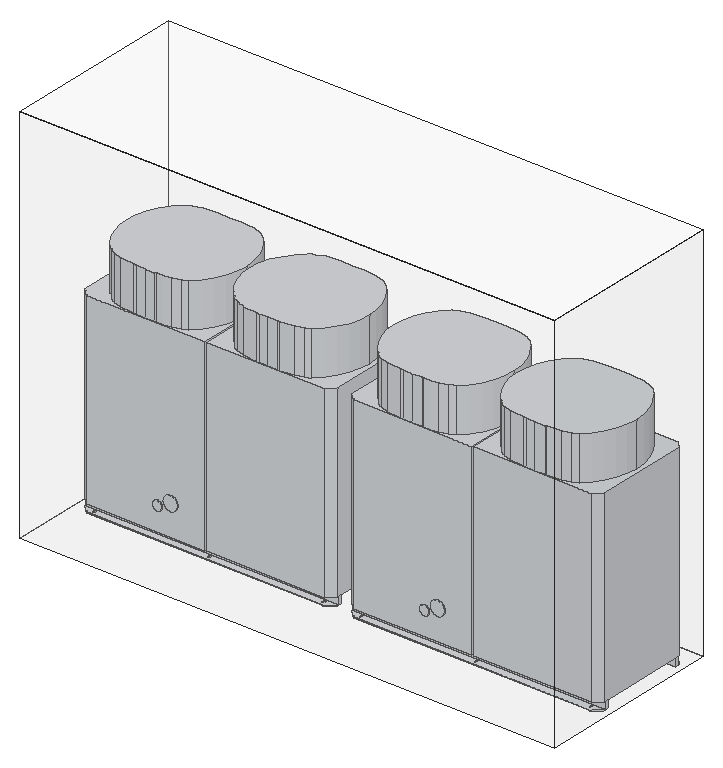
Revit family "pury-p224_1000(s)dmg9_50Hz", category 機械設備, Revit 2019 (continued)
Types (30, lengths in mm): name | 風量（m3／min） | 風量 | 音響パワーレベル(dB) | 電源位置2X（ユニット3） | 電源位置2X（ユニット2） | 電源位置2X（ユニット1） | 電源位置1X（ユニット3） | 電源位置1X（ユニット2） | 電源位置1X（ユニット1） | 電動機出力_送風機 | 電動機出力_圧縮機 | 質量 | 製品質量 | 消費電力_暖房 | 消費電力_冷房 | 消費電力 | 最小電線太さ_mm2 | 最大電流値 | 暖房能力 | 推奨ブレーカー容量 | 冷房能力 | 冷媒管（液）位置1 (ユニット3） | 冷媒管（ガス）位置2 (ユニット3) | 冷媒管（ガス）位置2 (ユニット2) | 冷媒管（液）位置1 (ユニット1) | 冷媒管（ガス）位置2 (ユニット1) | 冷媒管（液）位置1 (ユニット2） | 冷媒管径符号 | 冷媒管位置2 (ユニット3) | 冷媒管位置2 (ユニット2) | 冷媒管位置1 (ユニット2) | 冷媒管位置2 (ユニット1) | 冷媒管位置1 (ユニット3) | 冷媒管位置1 (ユニット1) | 冷媒液管径3 | 冷媒液管径2 | 冷媒液管径 | 冷媒ガス管径3 | 冷媒ガス管径2 | 冷媒ガス管径 | ユニット隙間 | ユニット数 | ユニットタイプ3 | ユニットタイプ2 | ユニットタイプ1 | ユニット2 | モデル | サービススペース_タイプA | アンカーボルト位置X（ユニット3） | アンカーボルト位置X（ユニット2） | アンカーボルト位置X（ユニット1） | Width3 | Width2 | Width1 | Width | URL | OUTLINE2 | OUTLINE1 | MAX風量 | Clearance Right | Clearance Left | Clearance Back
  PURY-P900SDMG9_タイプB | 640 | 38400.0 m³/h | 88.5 | 516 | 516 | 516 | 541 | 541 | 541 | 3.68 kW | 23.6 kW | 772.80 kg | 644.00 kg | 28.1 kW | 32.7 kW | 32.7 kW | 100 | 138.9 A | 100 kW | 150 A | 90 kW | 590 | 145 | 145 | 590 | 83 | 590 | "Hi" | 145.5 | 145.5 | 631.5 | 145.5 | 631.5 | 631.5 | 22.20 | 22.20 | 22.20 | 28.58 | 28.58 | 28.58 | 100 | 2 | 筐体モジュール.（R2標準） : 500筐体 | 筐体モジュール.（R2標準） : 450筐体 | 筐体モジュール.（R2標準） : 450筐体 | yes | "PURY-P900SDMG9" | no | 795 | 795 | 795 | 1750 | 1750 | 1750 | 3600 | "https://www.mitsubishielectric.co.jp/ldg/wink/ssl/displayProduct.do?pid=332048" | outline : outline_XL | outline : outline_XL | 38400.0 m³/h | 50 | 50 | 100
  PURY-P950SDMG9_タイプB | 640 | 38400.0 m³/h | 88.5 | 516 | 516 | 516 | 541 | 541 | 541 | 3.68 kW | 26.9 kW | 778.80 kg | 649.00 kg | 31.4 kW | 36.3 kW | 36.3 kW | 100 | 147.3 A | 106 kW | 150 A | 95 kW | 590 | 145 | 145 | 590 | 83 | 590 | "Hk" | 145.5 | 145.5 | 631.5 | 145.5 | 631.5 | 631.5 | 22.20 | 22.20 | 22.20 | 28.58 | 28.58 | 28.58 | 100 | 2 | 筐体モジュール.（R2標準） : 500筐体 | 筐体モジュール.（R2標準） : 450筐体 | 筐体モジュール.（R2標準） : 500筐体 | yes | "PURY-P950SDMG9" | no | 795 | 795 | 795 | 1750 | 1750 | 1750 | 3600 | "https://www.mitsubishielectric.co.jp/ldg/wink/ssl/displayProduct.do?pid=332051" | outline : outline_XL | outline : outline_XL | 38400.0 m³/h | 50 | 50 | 100
